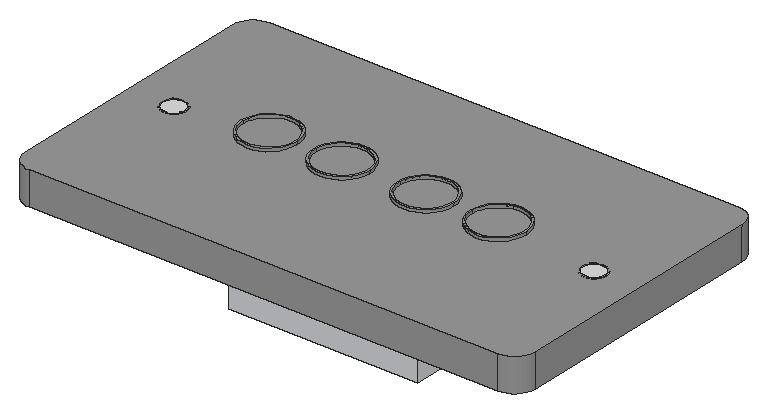
Revit family "ElectricalFixture_WiringAccessories_Hager_Sollysta_RaisedSwitchDimmers", category Lighting Fixtures, host Face, Revit 2015
Parameters (values of type "WRDS4PS")
  Warranty ID = ""
  Voltage (Volts) = "230V/240V"
  Unique Reference = "WMDS4PS"
  Type = "ElectricalFixture"
  Technical Description = Description  # "4GangDimmerSwitch250WPolishedSteel"
  Switch = no
  Supply Phase = "1"
  Size = ""
  Shipping Weight kg = "0.188"
  Shape = "Rectangular"
  Reference Standard = "BS 1363-2"
  Product URL = "http://www.hager.co.uk/product-catalogue/wiring-accessories/sollysta/white-moulded/white-moulded-sockets/58428.htm"
  Product Range = "Sollysta"
  Product Model Number = "WRDS4PS"
  Product Literature = "http://www.hager.co.uk/product-catalogue/wiring-accessories/sollysta/38662.htm"
  Product Group = "WiringAccessories"
  Product Family = "DecorativeDimmers_SwitchDimmers"
  Packaging Recyclable = yes
  Overall Width = Overall Length  # 146.0 mm
  Overall Length = 146.0 mm
  Overall Height = 86.0 mm
  Overall Depth = 26.07 mm
  Operation and Maintenance Manual = ""
  Name = "DecorativeDimmers_WRDS4PS"
  Measurement Units = "mm"
  Material = Hager_PolishedSteel
  Manufacturer Website = "http://www.hager.co.uk/"
  Manufacturer Country = "United Kingdom"
  Manufacturer = "Hager"
  LED Indicator Switch = no
  Gross Weight kg = "0.165"
  Frequency = "50/60Hz"
  Finish = "Polished"
  Features = Description  # "4GangDimmerSwitch250WPolishedSteel"
  Extrusion From Wall = 11.921 mm
  Expected Life = "25 years"
  EAN Code = "5015654793067"
  Design Country = "China"
  Description = "4GangDimmerSwitch250WPolishedSteel"
  Default Elevation = 1219.2 mm
  Colour = "PolishedSteel"
  CE Approval = yes
  4 Gang = yes
  3 Gang = no
  2 Gang = yes
  1 Gang = no
Types (16, lengths in mm): name | Unique Reference | Technical Description | Product Model Number | Overall Width | Overall Length | Overall Depth | Name | Material | Finish | Features | EAN Code | Description | Colour | 4 Gang | 3 Gang | 2 Gang | 1 Gang
  WRDS1PS | "WRDS1PS" | "1GangDimmerSwitch400WPolishedSteel" | "WRDS1PS" | 86.0 | 86.0 | 28.521 | "DecorativeDimmers_WRDS1PS" | Hager_PolishedSteel | "Polished" | "1GangDimmerSwitch400WPolishedSteel" | "5015654793005" | "1GangDimmerSwitch400WPolishedSteel" | "PolishedSteel" | no | no | no | yes
  WRDS2PS | "WMDS2PS" | "2GangDimmerSwitch250WPolishedSteel" | "WRDS2PS" | 86.0 | 86.0 | 26.07 | "DecorativeDimmers_WRDS2PS" | Hager_PolishedSteel | "Polished" | "2GangDimmerSwitch250WPolishedSteel" | "5015654793029" | "2GangDimmerSwitch250WPolishedSteel" | "PolishedSteel" | no | no | yes | no
  WRDS1BS | "WRDS1BS" | "1GangDimmerSwitch400WBrushedSteel" | "WRDS1BS" | 86.0 | 86.0 | 28.521 | "DecorativeDimmers_WRDS1BS" | Hager_BrushedSteel | "Brushed" | "1GangDimmerSwitch400WBrushedSteel" | "5015654792992" | "1GangDimmerSwitch400WBrushedSteel" | "BrushedSteel" | no | no | no | yes
  WRDS1PB | "WRDS1PB" | "1GangDimmerSwitch400WPolishedBrass" | "WRDS1PB" | 86.0 | 86.0 | 28.521 | "DecorativeDimmers_WRDS1PB" | Hager_PolishedBrass | "Polished" | "1GangDimmerSwitch400WPolishedBrass" | "5015654740955" | "1GangDimmerSwitch400WPolishedBrass" | "PolishedBrass" | no | no | no | yes
  WRDS1BN | "WRDS1PS" | "1GangDimmerSwitch400WBlackNickel" | "WRDS1BN" | 86.0 | 86.0 | 28.521 | "DecorativeDimmers_WRDS1BN" | Hager_BlackNickel | "Polished" | "1GangDimmerSwitch400WBlackNickel" | "5015654740979" | "1GangDimmerSwitch400WBlackNickel" | "BlackNickel" | no | no | no | yes
  WRDS3BS | "WRDS3BS" | "3GangDimmerSwitch250WBrushedSteel" | "WRDS3BS" | 146.0 | 146.0 | 28.521 | "DecorativeDimmers_WRDS3BS" | Hager_BrushedSteel | "Brushed" | "3GangDimmerSwitch250WBrushedSteel" | "5015654793036" | "3GangDimmerSwitch250WBrushedSteel" | "BrushedSteel" | no | yes | no | yes
  WRDS2PB | "WRDS2PB" | "2GangDimmerSwitch250WPolishedBrass" | "WRDS1PB" | 86.0 | 86.0 | 28.521 | "DecorativeDimmers_WRDS2PB" | Hager_PolishedBrass | "Polished" | "2GangDimmerSwitch250WPolishedBrass" | "5015654741037" | "2GangDimmerSwitch250WPolishedBrass" | "PolishedBrass" | no | no | yes | no
  WRDS2BN | "WRDS1PS" | "2GangDimmerSwitch250WBlackNickel" | "WRDS2BN" | 86.0 | 86.0 | 28.521 | "DecorativeDimmers_WRDS2BN" | Hager_BlackNickel | "Polished" | "2GangDimmerSwitch250WBlackNickel" | "5015654741051" | "2GangDimmerSwitch250WBlackNickel" | "BlackNickel" | no | no | yes | no
  WRDS3PS | "WMDS2PS" | "3GangDimmerSwitch250WPolishedSteel" | "WRDS3PS" | 146.0 | 146.0 | 26.07 | "DecorativeDimmers_WRD32PS" | Hager_PolishedSteel | "Polished" | "3GangDimmerSwitch250WPolishedSteel" | "5015654793043" | "3GangDimmerSwitch250WPolishedSteel" | "PolishedSteel" | no | yes | no | yes
  WRDS2BS | "WRDS3BS" | "2GangDimmerSwitch250WBrushedSteel" | "WRDS2BS" | 86.0 | 86.0 | 28.521 | "DecorativeDimmers_WRDS2BS" | Hager_BrushedSteel | "Brushed" | "2GangDimmerSwitch250WBrushedSteel" | "5015654793036" | "2GangDimmerSwitch250WBrushedSteel" | "BrushedSteel" | no | no | yes | no
  WRDS3PB | "WRDS3PB" | "3GangDimmerSwitch250WPolishedBrass" | "WRDS3PB" | 146.0 | 146.0 | 28.521 | "DecorativeDimmers_WRDS3PB" | Hager_PolishedBrass | "Polished" | "3GangDimmerSwitch250WPolishedBrass" | "5015654741112" | "3GangDimmerSwitch250WPolishedBrass" | "PolishedBrass" | no | yes | no | yes
  WRDS3BN | "WRDS3PS" | "3GangDimmerSwitch250WBlackNickel" | "WRDS3BN" | 146.0 | 146.0 | 28.521 | "DecorativeDimmers_WRDS3BN" | Hager_BlackNickel | "Polished" | "3GangDimmerSwitch250WBlackNickel" | "5015654741136" | "3GangDimmerSwitch250WBlackNickel" | "BlackNickel" | no | yes | no | yes
  WRDS4BN | "WRDS3PS" | "4GangDimmerSwitch250WBlackNickel" | "WRDS4BN" | 146.0 | 146.0 | 28.521 | "DecorativeDimmers_WRDS4BN" | Hager_BlackNickel | "Polished" | "4GangDimmerSwitch250WBlackNickel" | "5015654741211" | "4GangDimmerSwitch250WBlackNickel" | "BlackNickel" | yes | no | yes | no
  WRDS4PS | "WMDS4PS" | "4GangDimmerSwitch250WPolishedSteel" | "WRDS4PS" | 146.0 | 146.0 | 26.07 | "DecorativeDimmers_WRDS4PS" | Hager_PolishedSteel | "Polished" | "4GangDimmerSwitch250WPolishedSteel" | "5015654793067" | "4GangDimmerSwitch250WPolishedSteel" | "PolishedSteel" | yes | no | yes | no
  WRDS4PB | "WRDS3PB" | "4GangDimmerSwitch250WPolishedBrass" | "WRDS4PB" | 146.0 | 146.0 | 28.521 | "DecorativeDimmers_WRDS4PB" | Hager_PolishedBrass | "Polished" | "4GangDimmerSwitch250WPolishedBrass" | "5015654741198" | "4GangDimmerSwitch250WPolishedBrass" | "PolishedBrass" | yes | no | yes | no
  WRDS4BS | "WRDS4BS" | "4GangDimmerSwitch250WBrushedSteel" | "WRDS4BS" | 146.0 | 146.0 | 28.521 | "DecorativeDimmers_WRD43BS" | Hager_BrushedSteel | "Brushed" | "4GangDimmerSwitch250WBrushedSteel" | "5015654793050" | "4GangDimmerSwitch250WBrushedSteel" | "BrushedSteel" | yes | no | yes | no
Reference planes
  plane 1 "Center (Front/Back)": y = 0
  plane 2: z = 0
  plane 3 "Center (Left/Right)": x = 434
  plane 4: y = -43
  plane 5: y = 43
  plane 6: x = -137
  plane 7: x = 9
  plane 8: z = 9.47
  plane 9: z = -16.6
  plane 10: z = 11.921
  plane 11: y = -471.393
  plane 12: z = -20.53
  plane 13: x = -124.15
  plane 14: x = -3.85
  plane 15: x = -64
  plane 16: x = -100.5
  plane 17: x = -27.5
  plane 18: z = 12.685
Forms (mm)
  Extrusion 1, solid, material "Hager_PolishedSteel" <- "Material", detail levels fine
    sketch origin (0, 0, 0) x (1, 0, 0) y (0, 1, 0)
      loop
        arc (-137, -37.005) -> (-135.244, -41.244) -> (-131.005, -43) r 5.995
        line (-131.005, -43) -> (2.983, -43)
        arc (2.983, -43) -> (7.238, -41.238) -> (9, -36.983) r 6.017
        line (9, -36.983) -> (9, 37.035)
        arc (9, 37.035) -> (7.253, 41.253) -> (3.035, 43) r 5.965
        line (3.035, 43) -> (-131.018, 43)
        arc (-131.018, 43) -> (-135.248, 41.248) -> (-137, 37.018) r 5.982
        line (-137, 37.018) -> (-137, -37.005)
      loop
        circle (-124.15, 0) r 3.228
      loop
        circle (-3.85, 0) r 3.228
    from 0 to 9.47
  Extrusion 2, solid, material "Steel, Chrome Plated", detail levels fine
    sketch origin (0, 0, 0) x (1, 0, 0) y (0, 1, 0)
      loop
        circle (-124.15, 0) r 3.542
    from -1.167 to 9.47
  Extrusion 3, solid, material "Steel, Chrome Plated", detail levels fine
    sketch origin (0, 0, 0) x (-1, 0, 0) y (0, -1, 0)
      loop
        circle (3.85, 0) r 3.542
    from -1.167 to 9.47
  Extrusion 4, solid, material "Hager_PolishedSteel" <- "Material", detail levels medium
    sketch origin (0, 0, 0) x (1, 0, 0) y (0, 1, 0)
      loop
        line (-137, 43) -> (-137, -43) -> (9, -43) -> (9, 43) -> (-137, 43)
    from 0 to 9.47
  Extrusion 5, solid, material "Hager_PolishedSteel" <- "Material", detail levels medium
    sketch origin (0, 0, 0) x (1, 0, 0) y (0, 1, 0)
      loop
        line (-137, -43) -> (9, -43) -> (9, 43) -> (-137, 43) -> (-137, -43)
    from 0 to 9.47
  Extrusion 6, solid, material "Hager_PolishedSteel" <- "Material", visible <- "1 Gang", detail levels fine
    sketch origin (0, 0, 0) x (1, 0, 0) y (0, 1, 0)
      loop
        circle (-64, 0) r 8
      loop
        circle (-64, 0) r 7.5
    from 11.921 to 12.685
  Extrusion 7, solid, material "Hager_PolishedSteel" <- "Material", visible <- "2 Gang", detail levels fine
    sketch origin (-12, 0, 0) x (1, 0, 0) y (0, 1, 0)
      loop
        circle (-64, 0) r 8
      loop
        circle (-64, 0) r 7.5
    from 11.921 to 12.685
  Extrusion 8, solid, material "Hager_PolishedSteel" <- "Material", visible <- "2 Gang", detail levels fine
    sketch origin (12, 0, 0) x (1, 0, 0) y (0, 1, 0)
      loop
        circle (-64, 0) r 8
      loop
        circle (-64, 0) r 7.5
    from 11.921 to 12.685
  Extrusion 9, solid, material "Hager_PolishedSteel" <- "Material", visible <- "3 Gang", detail levels fine
    sketch origin (-36.034, 0, 0) x (1, 0, 0) y (0, 1, 0)
      loop
        circle (-64.466, 0) r 8
      loop
        circle (-64.466, 0) r 7.5
    from 11.921 to 12.685
  Extrusion 10, solid, material "Hager_PolishedSteel" <- "Material", visible <- "3 Gang", detail levels fine
    sketch origin (39.65, 0, 0) x (1, 0, 0) y (0, 1, 0)
      loop
        circle (-67.15, 0) r 8
      loop
        circle (-67.15, 0) r 7.5
    from 11.921 to 12.685
  Extrusion 11, solid, material "Hager_PolishedSteel" <- "Material", visible <- "4 Gang", detail levels fine
    sketch origin (36, 0, 0) x (1, 0, 0) y (0, 1, 0)
      loop
        circle (-67.15, 0) r 8
      loop
        circle (-67.15, 0) r 7.5
    from 11.921 to 12.685
  Extrusion 12, solid, material "Hager_PolishedSteel" <- "Material", visible <- "4 Gang", detail levels fine
    sketch origin (-160.384, 0, 0) x (-1, 0, 0) y (0, -1, 0)
      loop
        circle (-63.534, 0) r 8
      loop
        circle (-63.534, 0) r 7.5
    from 11.921 to 12.685
  Extrusion 13, solid
    sketch origin (0, 0, 0) x (1, 0, 0) y (0, 1, 0)
      loop
        line (-90.115, 22.025) -> (-90.115, -22.975) -> (-36, -22.975) -> (-36, 22.025) -> (-90.115, 22.025)
    from -20.53 to 0
Lines and regions (mm)
  model lines, detail levels coarse
    curve 1: line (-137, 43, 0) -> (9, 43, 0)
    curve 2: line (-137, -43, 0) -> (-137, 43, 0)
    curve 3: line (9, -43, 0) -> (-137, -43, 0)
    curve 4: line (9, 43, 0) -> (9, -43, 0)
    curve 5: arc (-120.108, 0, 0) -> (-124.15, -4.042, 0) -> (-128.192, 0, 0) r 4.042
    curve 6: arc (-128.192, 0, 0) -> (-124.15, 4.042, 0) -> (-120.108, 0, 0) r 4.042
    curve 7: arc (0.192, 0, 0) -> (-3.85, -4.042, 0) -> (-7.892, 0, 0) r 4.042
    curve 8: arc (-7.892, 0, 0) -> (-3.85, 4.042, 0) -> (0.192, 0, 0) r 4.042
  model lines, visible <- "3 Gang"
    curve 9: arc (-92.5, 0, 0) -> (-100.5, 8, 0) -> (-108.5, 0, 0) r 8
    curve 10: arc (-108, 0, 0) -> (-100.5, 7.5, 0) -> (-93, 0, 0) r 7.5
    curve 11: arc (-108.5, 0, 0) -> (-100.5, -8, 0) -> (-92.5, 0, 0) r 8
    curve 12: arc (-93, 0, 0) -> (-100.5, -7.5, 0) -> (-108, 0, 0) r 7.5
    curve 33: arc (-35.5, 0, 0) -> (-27.5, -8, 0) -> (-19.5, 0, 0) r 8
    curve 34: arc (-20, 0, 0) -> (-27.5, -7.5, 0) -> (-35, 0, 0) r 7.5
    curve 35: arc (-35, 0, 0) -> (-27.5, 7.5, 0) -> (-20, 0, 0) r 7.5
    curve 36: arc (-19.5, 0, 0) -> (-27.5, 8, 0) -> (-35.5, 0, 0) r 8
  model lines, visible <- "4 Gang"
    curve 13: arc (-104.85, 0, 0) -> (-96.85, -8, 0) -> (-88.85, 0, 0) r 8
    curve 14: arc (-89.35, 0, 0) -> (-96.85, -7.5, 0) -> (-104.35, 0, 0) r 7.5
    curve 15: arc (-104.35, 0, 0) -> (-96.85, 7.5, 0) -> (-89.35, 0, 0) r 7.5
    curve 16: arc (-88.85, 0, 0) -> (-96.85, 8, 0) -> (-104.85, 0, 0) r 8
    curve 29: arc (-38.65, 0, 0) -> (-31.15, 7.5, 0) -> (-23.65, 0, 0) r 7.5
    curve 30: arc (-23.15, 0, 0) -> (-31.15, 8, 0) -> (-39.15, 0, 0) r 8
    curve 31: arc (-39.15, 0, 0) -> (-31.15, -8, 0) -> (-23.15, 0, 0) r 8
    curve 32: arc (-23.65, 0, 0) -> (-31.15, -7.5, 0) -> (-38.65, 0, 0) r 7.5
  model lines, visible <- "2 Gang"
    curve 17: arc (-83.5, 0, 0) -> (-76, 7.5, 0) -> (-68.5, 0, 0) r 7.5
    curve 18: arc (-68, 0, 0) -> (-76, 8, 0) -> (-84, 0, 0) r 8
    curve 19: arc (-84, 0, 0) -> (-76, -8, 0) -> (-68, 0, 0) r 8
    curve 20: arc (-68.5, 0, 0) -> (-76, -7.5, 0) -> (-83.5, 0, 0) r 7.5
    curve 25: arc (-60, 0, 0) -> (-52, -8, 0) -> (-44, 0, 0) r 8
    curve 26: arc (-44.5, 0, 0) -> (-52, -7.5, 0) -> (-59.5, 0, 0) r 7.5
    curve 27: arc (-59.5, 0, 0) -> (-52, 7.5, 0) -> (-44.5, 0, 0) r 7.5
    curve 28: arc (-44, 0, 0) -> (-52, 8, 0) -> (-60, 0, 0) r 8
  model lines, visible <- "1 Gang"
    curve 21: arc (-72, 0, 0) -> (-64, -8, 0) -> (-56, 0, 0) r 8
    curve 22: arc (-56.5, 0, 0) -> (-64, -7.5, 0) -> (-71.5, 0, 0) r 7.5
    curve 23: arc (-71.5, 0, 0) -> (-64, 7.5, 0) -> (-56.5, 0, 0) r 7.5
    curve 24: arc (-56, 0, 0) -> (-64, 8, 0) -> (-72, 0, 0) r 8
  symbolic lines
    curve 37: circle (-73.006, -504.912, 49.428) r 16.513 normal (0, -1, 0)
    curve 38: line (-124.15, -504.912, 9.47) -> (-29.589, -504.912, 83.349)
    curve 39: line (-3.85, -504.912, 103.459) -> (-36.908, -504.912, 92.718)
    curve 40: line (-3.85, -504.912, 103.459) -> (-22.27, -504.912, 73.981)
    curve 41: line (-22.27, -504.912, 73.981) -> (-36.908, -504.912, 92.718)
Dimensions and locks
  plane 10 to plane 9 = 28.521 mm
  plane 8 to plane 9 = 26.07 mm
  plane 2 to plane 9 = 16.6 mm
  "Overall Length": plane 6 to plane 7
  "Overall Height": plane 4 to plane 5
  "Overall Depth": plane 9 to plane 8
  plane 2 to plane 10 = 11.921 mm
  locked: plane 6 to plane 13 at 12.85
  locked: plane 14 to plane 7 at 12.85
  equal spacing: plane 6, plane 16, plane 15, plane 17, plane 7
  "Extrusion From Wall": plane 10 to host face
  locked: plane 18 to plane 10 at 0.764
  aligned and locked: plane 2 to host face
  aligned and locked: level to host face
  aligned and locked: Extrusion 1 to plane 8
  aligned and locked: Extrusion 4 to plane 8
  aligned and locked: Extrusion 5 to plane 8
  aligned and locked: Extrusion 5 to level
  aligned and locked: curve 9 to Extrusion 9
  aligned and locked: curve 10 to Extrusion 9
  aligned and locked: curve 11 to Extrusion 9
  aligned and locked: curve 12 to Extrusion 9
  aligned and locked: curve 13 to Extrusion 12
  aligned and locked: curve 14 to Extrusion 12
  aligned and locked: curve 15 to Extrusion 12
  aligned and locked: curve 16 to Extrusion 12
  aligned and locked: curve 17 to Extrusion 7
  aligned and locked: curve 18 to Extrusion 7
  aligned and locked: curve 19 to Extrusion 7
  aligned and locked: curve 20 to Extrusion 7
  aligned and locked: curve 21 to Extrusion 6
  aligned and locked: curve 22 to Extrusion 6
  aligned and locked: curve 23 to Extrusion 6
  aligned and locked: curve 24 to Extrusion 6
  aligned and locked: curve 25 to Extrusion 8
  aligned and locked: curve 26 to Extrusion 8
  aligned and locked: curve 27 to Extrusion 8
  aligned and locked: curve 28 to Extrusion 8
  aligned and locked: curve 29 to Extrusion 11
  aligned and locked: curve 30 to Extrusion 11
  aligned and locked: curve 31 to Extrusion 11
  aligned and locked: curve 32 to Extrusion 11
  aligned and locked: curve 33 to Extrusion 10
  aligned and locked: curve 34 to Extrusion 10
  aligned and locked: curve 35 to Extrusion 10
  aligned and locked: curve 36 to Extrusion 10
  aligned and locked: plane 12 to Extrusion 13
  aligned and locked: level to Extrusion 13
  aligned and locked: Extrusion 2 to plane 8
  aligned and locked: plane 18 to Extrusion 11
  aligned and locked: plane 18 to Extrusion 10
  aligned and locked: plane 10 to Extrusion 10
  aligned and locked: plane 18 to Extrusion 9
  aligned and locked: plane 18 to Extrusion 12
  aligned and locked: plane 18 to Extrusion 7
  aligned and locked: plane 18 to Extrusion 6
  aligned and locked: plane 18 to Extrusion 8
  aligned and locked: plane 10 to Extrusion 8
  aligned and locked: plane 10 to Extrusion 6
  aligned and locked: plane 10 to Extrusion 7
  aligned and locked: plane 10 to Extrusion 12
  aligned and locked: plane 10 to Extrusion 9
  aligned and locked: Extrusion 3 to plane 8
  aligned and locked: Extrusion 1 to Extrusion 2
  aligned and locked: Extrusion 9 to plane 18
  aligned and locked: Extrusion 12 to plane 18
  aligned and locked: Extrusion 7 to plane 18
  aligned and locked: Extrusion 6 to plane 18
  aligned and locked: Extrusion 8 to plane 18  (x2)
  aligned and locked: Extrusion 10 to plane 18  (x2)
  aligned and locked: Extrusion 11 to plane 18
  aligned and locked: plane 10 to Extrusion 11
Automatic sketch dimensions
  host sketch curve to host sketch curve = 2438.4 mm  (x2)
  Extrusion 1 sketch curve to plane 6 = 0.0 mm
  plane 5 to Extrusion 1 sketch curve = 0.0 mm
  plane 4 to Extrusion 1 sketch curve = 0.0 mm
  plane 1 "Center (Front/Back)" to Extrusion 1 sketch curve = 0.0 mm  (x2)
  Extrusion 1 sketch curve to plane 13 = 0.0 mm
  Extrusion 1 sketch curve to plane 14 = 0.0 mm
  plane 6 to Extrusion 1 sketch curve = 5.982 mm
  Extrusion 1 sketch curve to plane 4 = 5.995 mm
  Extrusion 1 sketch curve to plane 7 = 6.017 mm
  Extrusion 1 sketch curve to plane 7 = 5.965 mm
  plane 7 to Extrusion 1 sketch curve = 0.0 mm
  Extrusion 2 sketch curve to Extrusion 2 sketch curve = 0.0 mm  (x2)
  plane 1 "Center (Front/Back)" to Extrusion 2 sketch curve = 0.0 mm
  Extrusion 2 sketch curve to plane 13 = 0.0 mm
  Extrusion 2 sketch curve to plane 13 = 3.542 mm
  Extrusion 3 sketch curve to Extrusion 3 sketch curve = 0.0 mm  (x2)
  plane 1 "Center (Front/Back)" to Extrusion 3 sketch curve = 0.0 mm
  plane 14 to Extrusion 3 sketch curve = 0.0 mm
  Extrusion 3 sketch curve to plane 14 = 3.542 mm
  plane 4 to Extrusion 4 sketch curve = 0.0 mm
  Extrusion 4 sketch curve to plane 6 = 0.0 mm
  Extrusion 4 sketch curve to plane 7 = 0.0 mm
  plane 5 to Extrusion 4 sketch curve = 0.0 mm
  plane 5 to Extrusion 5 sketch curve = 0.0 mm
  Extrusion 5 sketch curve to plane 6 = 0.0 mm
  Extrusion 5 sketch curve to plane 7 = 0.0 mm
  plane 4 to Extrusion 5 sketch curve = 0.0 mm
  curve 5 to curve 6 = 0.0 mm  (x2)
  curve 7 to curve 8 = 0.0 mm  (x2)
  plane 4 to curve 3 = 0.0 mm
  curve 3 to plane 6 = 0.0 mm
  plane 1 "Center (Front/Back)" to curve 5 = 0.0 mm
  curve 6 to plane 13 = 0.0 mm
  plane 1 "Center (Front/Back)" to curve 7 = 0.0 mm
  curve 8 to plane 14 = 0.0 mm
  curve 3 to plane 7 = 0.0 mm
  plane 5 to curve 2 = 0.0 mm
  curve 5 to curve 5 = 4.042 mm
  curve 7 to curve 7 = 4.042 mm
  Extrusion 6 sketch curve to Extrusion 6 sketch curve = 0.0 mm  (x2)
  plane 1 "Center (Front/Back)" to Extrusion 6 sketch curve = 0.0 mm
  Extrusion 6 sketch curve to plane 15 = 0.0 mm
  Extrusion 7 sketch curve to Extrusion 7 sketch curve = 0.0 mm  (x2)
  plane 1 "Center (Front/Back)" to Extrusion 7 sketch curve = 0.0 mm
  Extrusion 7 sketch curve to plane 15 = 12.0 mm
  Extrusion 8 sketch curve to Extrusion 8 sketch curve = 0.0 mm  (x2)
  plane 1 "Center (Front/Back)" to Extrusion 8 sketch curve = 0.0 mm
  plane 15 to Extrusion 8 sketch curve = 12.0 mm
  Extrusion 9 sketch curve to Extrusion 9 sketch curve = 0.0 mm  (x2)
  plane 1 "Center (Front/Back)" to Extrusion 9 sketch curve = 0.0 mm
  Extrusion 9 sketch curve to plane 16 = 0.0 mm
  Extrusion 10 sketch curve to Extrusion 10 sketch curve = 0.0 mm  (x2)
  plane 1 "Center (Front/Back)" to Extrusion 10 sketch curve = 0.0 mm
  Extrusion 10 sketch curve to plane 17 = 0.0 mm
  Extrusion 11 sketch curve to Extrusion 11 sketch curve = 0.0 mm  (x2)
  plane 1 "Center (Front/Back)" to Extrusion 11 sketch curve = 0.0 mm
  Extrusion 11 sketch curve to plane 17 = 3.65 mm
  Extrusion 12 sketch curve to Extrusion 12 sketch curve = 0.0 mm  (x2)
  plane 1 "Center (Front/Back)" to Extrusion 12 sketch curve = 0.0 mm
  Extrusion 12 sketch curve to plane 16 = 3.65 mm
  Extrusion 13 sketch curve to plane 17 = 8.5 mm
  plane 16 to Extrusion 13 sketch curve = 10.385 mm
  plane 5 to Extrusion 13 sketch curve = 20.975 mm
  Extrusion 13 sketch curve to plane 4 = 20.025 mm
  curve 38 to plane 8 = 0.0 mm
  curve 38 to plane 13 = 0.0 mm
  curve 39 to plane 14 = 0.0 mm
  curve 37 to plane 15 = 9.006 mm
  curve 38 to plane 17 = 2.089 mm
  plane 17 to curve 40 = 5.23 mm
  curve 37 to curve 41 = 24.553 mm
  curve 41 to curve 38 = 9.368 mm
  curve 38 to curve 39 = 9.368 mm
  curve 38 to curve 39 = 20.109 mm
  radius of Extrusion 1 sketch curve = 3.228 mm  (x2)
  radius of Extrusion 6 sketch curve = 8.0 mm
  radius of Extrusion 6 sketch curve = 7.5 mm
  radius of Extrusion 7 sketch curve = 8.0 mm
  radius of Extrusion 7 sketch curve = 7.5 mm
  radius of Extrusion 8 sketch curve = 8.0 mm
  radius of Extrusion 8 sketch curve = 7.5 mm
  radius of Extrusion 9 sketch curve = 8.0 mm
  radius of Extrusion 9 sketch curve = 7.5 mm
  radius of Extrusion 10 sketch curve = 8.0 mm
  radius of Extrusion 10 sketch curve = 7.5 mm
  radius of Extrusion 11 sketch curve = 8.0 mm
  radius of Extrusion 11 sketch curve = 7.5 mm
  radius of Extrusion 12 sketch curve = 8.0 mm
  radius of Extrusion 12 sketch curve = 7.5 mm
  radius of curve 37 = 16.513 mm
Connectors
  electrical at (-64.001, 0.008, 0)
    settings: on Extrusion 1, index 1, voltage 230 V, apparent load 0 VA, apparent load phase1 0 VA, apparent load phase2 0 VA, apparent load phase3 0 VA, power factor 1, load classification "Other", number of poles 1, system type 31, power factor state 1, is connector primary yes, connector utility no, sub classification motor no, connector description ""
